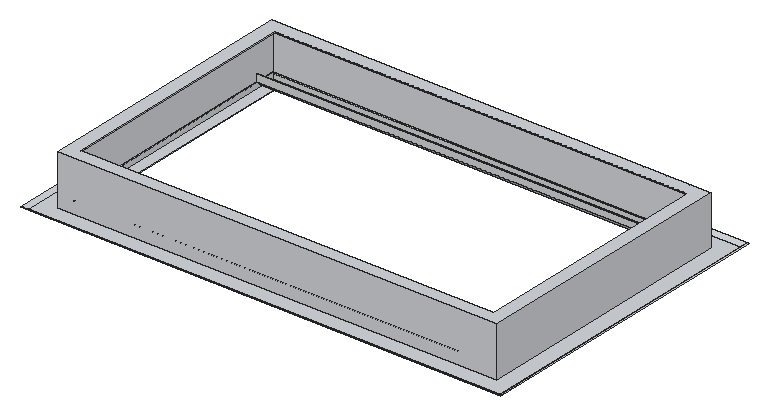
Revit family "F35-BLADE45", category Air Terminals, Revit 2018
Family settings
  Round Connector Dimension = Use Diameter
  Part Type = Normal
  OmniClass Number = 23.75.00.00
  OmniClass Title = Climate Control (HVAC)
  Work Plane-Based = No
  Always vertical = Yes
  Cut with Voids When Loaded = No
  Shared = No
  Room Calculation Point = No
Parameters (values of type "F35/2S/H/L")
  Width [instance] = NOM WIDTH - 0' 0 1/2"  # 2' - 1 1/2"
  URL = "https://www.anemostat-hvac.com"
  DUCT INLET WIDTH [instance] = if(NOM WIDTH < Min Size, Min Size, if(NOM WIDTH > Max Size, Max Size, NOM WIDTH))  # 2' - 2"
  DUCT INLET HEIGHT [instance] = if(NOM HEIGHT < Min Size, Min Size, if(NOM HEIGHT > Max Size, Max Size, NOM HEIGHT))  # 1' - 4"
  NOM WIDTH [instance] = 2' - 2"
  NOM HEIGHT [instance] = 1' - 4"
  Model = "F35 (Surface Mounted)"
  Min Size = 0' - 6"  # constant formula
  Max Size = 4' - 0"  # constant formula
  Manufacturer = "ANEMOSTAT PRODUCTS"
  Height [instance] = NOM HEIGHT - 0' 0 1/2"  # 1' - 3 1/2"
  Flatflange = 0' - 1"
  Filter = 0' - 2 31/32"
  Facethickness = 0' - 0 1/32"
  Faceflange = 0' - 1 1/4"
  FaceWid [instance] = NOM WIDTH - 0' 0 1/2"  # 2' - 1 1/2"
  FaceOpen [instance] = 0' - 0 3/4"
  FaceHi [instance] = NOM HEIGHT - 0' 0 1/2"  # 1' - 3 1/2"
  Description = "Hinged Return Filter Grille; 45 degree Deflection; 1/2\" Spacing"
  Bladedepth = 0' - 0 3/8"
  BladeWid = 0' - 0 55/128"
  BladeThickness = 0' - 0 5/128"
  BladeSpacing = 0' - 0 1/2"
  BladeLength [instance] = NOM WIDTH - 0' 0 3/4"  # 2' - 1 1/4"
  BladeHi = 0' - 0 3/4"
  BladeHead = 0' - 0 23/256"
  BladeAngle = 138.00°
Types (13): name | Width | DUCT INLET WIDTH | DUCT INLET HEIGHT | NOM WIDTH | NOM HEIGHT | Height | Filter | FaceWid | FaceHi | BladeLength
  (no name) | 2' - 1 1/2" | 2' - 2" | 1' - 4" | 2' - 2" | 1' - 4" | 1' - 3 1/2" | 0' - 2 31/32" | 2' - 1 1/2" | 1' - 3 1/2" | 2' - 1 1/4"
  F35/1/H/L | 1' - 3 1/2" | 1' - 4" | 1' - 0" | 1' - 4" | 1' - 0" | 0' - 11 1/2" | 0' - 1 31/32" | 1' - 3 1/2" | 0' - 11 1/2" | 1' - 3 1/4"
  F35/2/H/L | 1' - 5 1/2" | 1' - 6" | 1' - 0" | 1' - 6" | 1' - 0" | 0' - 11 1/2" | 0' - 2 31/32" | 1' - 5 1/2" | 0' - 11 1/2" | 1' - 5 1/4"
  F35/2S/H/L | 2' - 1 1/2" | 2' - 2" | 1' - 4" | 2' - 2" | 1' - 4" | 1' - 3 1/2" | 0' - 2 31/32" | 2' - 1 1/2" | 1' - 3 1/2" | 2' - 1 1/4"
  F35/2L/H/L | 1' - 11 1/2" | 2' - 0" | 1' - 2" | 2' - 0" | 1' - 2" | 1' - 1 1/2" | 0' - 2 31/32" | 1' - 11 1/2" | 1' - 1 1/2" | 1' - 11 1/4"
  F35/2/H/S | 0' - 5 1/2" | 0' - 6" | 1' - 0" | 0' - 6" | 1' - 0" | 0' - 11 1/2" | 0' - 2 31/32" | 0' - 5 1/2" | 0' - 11 1/2" | 0' - 5 1/4"
  F35/2S/H/S | 0' - 11 1/2" | 1' - 0" | 1' - 8" | 1' - 0" | 1' - 8" | 1' - 7 1/2" | 0' - 2 31/32" | 0' - 11 1/2" | 1' - 7 1/2" | 0' - 11 1/4"
  F35/2L/H/S | 0' - 11 1/2" | 1' - 0" | 2' - 0" | 1' - 0" | 2' - 0" | 1' - 11 1/2" | 0' - 2 31/32" | 0' - 11 1/2" | 1' - 11 1/2" | 0' - 11 1/4"
  F35/1S/H/L | 1' - 11 1/2" | 2' - 0" | 1' - 0" | 2' - 0" | 1' - 0" | 0' - 11 1/2" | 0' - 1 31/32" | 1' - 11 1/2" | 0' - 11 1/2" | 1' - 11 1/4"
  F35/1L/H/L | 1' - 7 1/2" | 1' - 8" | 1' - 0" | 1' - 8" | 1' - 0" | 0' - 11 1/2" | 0' - 1 31/32" | 1' - 7 1/2" | 0' - 11 1/2" | 1' - 7 1/4"
  F35/1S/H/S | 0' - 11 1/2" | 1' - 0" | 1' - 6" | 1' - 0" | 1' - 6" | 1' - 5 1/2" | 0' - 1 31/32" | 0' - 11 1/2" | 1' - 5 1/2" | 0' - 11 1/4"
  F35/1L/H/S | 1' - 1 1/2" | 1' - 2" | 2' - 0" | 1' - 2" | 2' - 0" | 1' - 11 1/2" | 0' - 1 31/32" | 1' - 1 1/2" | 1' - 11 1/2" | 1' - 1 1/4"
  F35/1/H/S | 1' - 3 1/2" | 1' - 4" | 2' - 0" | 1' - 4" | 2' - 0" | 1' - 11 1/2" | 0' - 1 31/32" | 1' - 3 1/2" | 1' - 11 1/2" | 1' - 3 1/4"
Reference planes (in)
  plane 1 "Center (Front/Back)": y = 0
  plane 2: z = 0
  plane 3 "Center (Left/Right)": x = 0
  plane 4: y = 7.75
  plane 5: x = 12.75
  plane 6: y = -7.75
  plane 7: x = -12.75
Forms (in)
  Extrusion 1, solid
    sketch origin (0, 0, 0) x (1, 0, 0) y (0, 1, 0)
      loop
        line (-12.75, 7.75) -> (-12.75, -7.75) -> (12.75, -7.75) -> (12.75, 7.75) -> (-12.75, 7.75)
    from 0 to 0.03125 <- "Facethickness"
  Sweep 2, solid
    path in 3D
      loop
        line (-12.75, -7.75, 0.03125) -> (12.75, -7.75, 0.03125) -> (12.75, 7.75, 0.03125) -> (-12.75, 7.75, 0.03125) -> (-12.75, -7.75, 0.03125)
    profile origin (-12.75, 0, 0.03125) x (1, 0, 0) y (0, 0, 1)
      loop
        line (0, 0) -> (0.03125, 0) -> (0.03125, 0.32393) -> (0, 0.32393) -> (0, 0)
  Extrusion 3, void
    sketch origin (0, 0, 0) x (1, 0, 0) y (0, 1, 0)
      loop
        line (-12, 7) -> (-12, -7) -> (12, -7) -> (12, 7) -> (-12, 7)
    from 0 to 0.03125 <- "Facethickness"
  Extrusion 4, solid
    sketch origin (-12.71875, 7.71875, 0.35518) x (0, -1, 0) y (0, 0, -1)
      loop
        line (14.96875, -0.42997) -> (14.96875, -0.05497) -> (14.65036, 0.29864)
        arc (14.65036, 0.29864) -> (14.56925, 0.27384) -> (14.64815, 0.24272) r 0.04492
        line (14.64815, 0.24272) -> (14.92969, -0.06997) -> (14.92969, -0.42997) -> (14.96875, -0.42997)
      loop
        line (1.15625, -0.41492) -> (1.15625, -0.03992) -> (0.85304, 0.29683)
        arc (0.85304, 0.29683) -> (0.78798, 0.2498) -> (0.86455, 0.22567) r 0.04492
        line (0.86455, 0.22567) -> (1.11719, -0.05492) -> (1.11719, -0.41492) -> (1.15625, -0.41492)
    from 0 to 25.25 <- "BladeLength"
  Sweep 5, solid
    path origin (0, 0, 0) x (1, 0, 0) y (0, 1, 0)
      loop
        line (-12.83984, 7.83984) -> (-12.83984, -7.83984) -> (12.83984, -7.83984) -> (12.83984, 7.83984) -> (-12.83984, 7.83984)
    profile origin (0, 7.83984, 0) x (0, 1, 0) y (0, 0, 1)
      loop
        line (0, 0) -> (1, 0) -> (1.25, 0.17505) -> (1.22759, 0.20705) -> (0.98768, 0.03906) -> (0.03906, 0.03906) -> (0.03906, 2.96875) -> (-0.71094, 2.96875) -> (-0.71094, 2.92969) -> (0, 2.92969) -> (0, 0)
Cuts and joins
  Extrusion 3 cuts Extrusion 1
Lines and regions (in)
  sketch lines
    curve 1: line (-12.75, 7.75, 0.03125) -> (-12.75, -7.75, 0.03125)
    curve 2: line (12.75, 7.75, 0.03125) -> (-12.75, 7.75, 0.03125)
    curve 3: line (12.75, -7.75, 0.03125) -> (12.75, 7.75, 0.03125)
    curve 4: line (-12.75, -7.75, 0.03125) -> (12.75, -7.75, 0.03125)
Dimensions and locks (in)
  equal spacing: plane 7, plane 3 "Center (Left/Right)", plane 5
  equal spacing: plane 4, plane 1 "Center (Front/Back)", plane 6
  "FaceWid": plane 7 to plane 5
  "FaceHi": plane 4 to plane 6
  "FaceOpen": plane 4 to Extrusion 3 sketch curve
  "FaceOpen": plane 6 to Extrusion 3 sketch curve
  "FaceOpen": Extrusion 3 sketch curve to plane 5
  "FaceOpen": plane 7 to Extrusion 3 sketch curve
  "BladeThickness": Extrusion 4 sketch curve to Extrusion 4 sketch curve  (x4)
  "Bladedepth": Extrusion 4 sketch curve to Extrusion 4 sketch curve  (x2)
  "BladeSpacing": Sweep 2 to Extrusion 4 sketch curve
  locked: Extrusion 4 sketch curve to Sweep 2 at 1.1875
  "BladeHead": Sweep 5 sketch curve to plane 4
  "BladeHead": plane 5 to Sweep 5 sketch curve
  "BladeHead": Sweep 5 sketch curve to plane 7
  "BladeHead": Sweep 5 sketch curve to plane 6
  "BladeThickness": Sweep 5 sketch curve to Sweep 5 sketch curve  (x4)
  "Faceflange": Sweep 5 sketch curve to profile plane
  "Flatflange": Sweep 5 sketch curve to profile plane
  "BladeHi": Sweep 5 sketch curve to Sweep 5 sketch curve
  Extrusion 4 sketch curve to Extrusion 4 sketch curve = 0' - 0.75918"
  "Filter": cut or joined group of Extrusion 1, Extrusion 3 to Sweep 5 sketch curve
  "BladeHead": diameter of Extrusion 4 sketch curve  (x2)
  "BladeAngle": angle Extrusion 4 sketch curve to Extrusion 4 sketch curve  (x2)
  angle Sweep 5 sketch curve to Sweep 5 sketch curve = 145.00°
  angle Extrusion 4 sketch curve to Extrusion 4 sketch curve = 138.00°
  aligned and locked: level to plane 2
  aligned and locked: Extrusion 1 sketch curve to plane 4
  aligned and locked: plane 7 to Extrusion 1 sketch curve
  aligned and locked: Extrusion 1 sketch curve to plane 6
  aligned and locked: Extrusion 1 sketch curve to plane 5
  aligned and locked: Sweep 2 sketch curve to Extrusion 1
Automatic sketch dimensions
  profile plane to Sweep 2 sketch curve = 0' - 0"
  Sweep 2 sketch curve to profile plane = 0' - 0 1/32"
  profile plane to Sweep 2 sketch curve = 0' - 0.32393"
  Sweep 5 sketch curve to profile plane = 0' - 0"
  Sweep 5 sketch curve to level = 0' - 0"
  Sweep 2 to Extrusion 4 sketch curve = 0' - 0.06697"
  Sweep 2 to Extrusion 4 sketch curve = 0' - 0.05187"
  Extrusion 4 sketch curve to Extrusion 4 sketch curve = 0' - 0.31555"
  Sweep 2 to Extrusion 4 sketch curve = 0' - 0.08122"
  Sweep 2 to Extrusion 4 sketch curve = 0' - 0.02711"
Connectors (in)
  hvac at (0, 0, 2.92969), driven by "DUCT INLET HEIGHT", driven by "DUCT INLET WIDTH"
    settings: on Sweep 5, index 1, duct flow 0 CFM, flow factor 0, pres drop 0.00 in-wg, loss coef 0, conn angle 0.00°, conn width 26", conn height 16", conn diameter 24", duct sys type 1, conn prof type 1, flow config 0, flow direction 1, loss method 0, conn ref index -1, conn util no, is conn primary yes, conn desc ""
